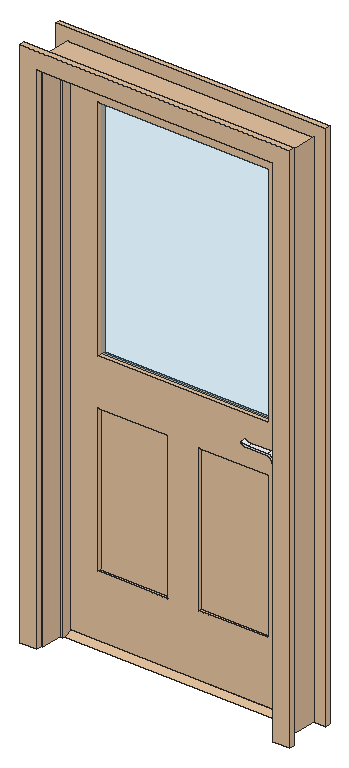
Revit family "M_Porta-Externa-Entrada-Única-Vidro meio plano-Revestida_Madeira", category Portas, Revit 2019
Family settings
  Hospedeiro = Parede
  Número OmniClass = 23.30.10.14
  Título OmniClass = Passage Doors by Material
  Sempre na vertical = Sim
  Corte com vazios quando carregada = Não
  Compartilhado = Não
  Ponto de cálculo do ambiente = Não
Parameters (values of type "900 x 2000mm")
  Visual Light Transmittance = 0
  Material da apara = Cerejeira
  Corrimão superior = 120 mm
  Deslocamento do limite [instance] = if(Limite, 15 mm, 0 mm)  # 15 mm
  Material do limite = Cerejeira
  Limite [instance] = yes
  Espessura = 35 mm
  Resistência térmica (R) = 0.188367 (m²·K)/W
  Ângulo de abertura [instance] = 90.00°
  Estilos = 120 mm
  Solar Heat Gain Coefficient = 0
  Largura bruta = Largura + 50 mm  # 950 mm
  Altura bruta = Altura + 25 mm  # 2025 mm
  Material do painel = Cerejeira
  Bloquear corrimão = 180 mm
  Altura = 2000 mm
  Fechamento da parede = Por hospedeiro
  Largura = 900 mm
  Coeficiente de transferência de calor (U) = 5.30918 W/(m²·K)
  Vidraça = Vidro
  Função = Exterior
  Material da moldura = Cerejeira
  Apara externa [instance] = Deslocamento da porta = 0 mm  # yes
  Deslocamento da porta [instance] = 0 mm
  Material da maçaneta = Alumín. 1
  Corrimão inferior = 240 mm
  Construction Type = ""
  Código de montagem = "B2030100"
  Construção analítica = "Porta francesa, moldura de madeira com vidro único"
Reference planes
  plane 1 "Centro (Frente/Trás)": y = 0
  plane 2 "Centro (Esquerda/Direita)": x = 0
  plane 3 "Esquerda": x = -475
  plane 4 "Direita": x = 475
  plane 5 "Superior": z = 2025
  plane 6 "Deslocamento da porta": y = 73.025
  plane 7 "Interior": y = -79.375
  plane 8 "Painel esquerdo da porta": x = -450
  plane 9 "Painel direito da porta": x = 450
  plane 10 "Topo do painel": z = 2000
  plane 11: z = 0
  plane 12: z = 0
  plane 13: x = 468.65
  plane 14: y = 38.1
  plane 15: y = 3.175
  plane 16: x = 437.3
  plane 17: y = 38.025
  plane 18: z = 1000
  plane 19: z = 1880
  plane 20 "2": x = -330
  plane 21: y = 52.025
  plane 22: y = 59.025
  plane 23: z = 914.4
  plane 24: y = 45.025
  plane 25: y = 66.025
  plane 26: z = 1000
  plane 27: z = 15
  plane 28 "1": x = 330
  plane 29: x = -60
  plane 30: x = 60
  plane 31: z = 880
  plane 32: z = 184.15
  plane 33: x = 398.8
  plane 34: y = 49.692
  plane 35: y = 61.358
  plane 36: y = 55.525
  plane 37 "Exterior": y = 73.025
Forms (mm)
  Sweep 1, solid, material "Cerejeira" <- "Material da moldura"
    path origin (0, 0, 0) x (1, 0, 0) y (0, 0, 1)
      loop
        line (475, 0) -> (475, 2025) -> (-475, 2025) -> (-475, 0)
    profile origin (475, 0, 1012.5) x (-1, 0, 0) y (0, -1, 0)
      loop
        line (25, -73.025) -> (25, -38.025) -> (37.7, -38.025) -> (37.7, -3.1) -> (25, -3.1) -> (25, 79.375) -> (0, 79.375) -> (0, -73.025) -> (25, -73.025)
  Extrusion 2, solid, material "Cerejeira" <- "Material do painel"
    sketch origin (0, 0, 0) x (1, 0, 0) y (0, 0, 1)
      loop
        line (450, 2000) -> (-450, 2000) -> (-450, 15) -> (450, 15) -> (450, 2000)
      loop
        line (-330, 1880) -> (-330, 1000) -> (330, 1000) -> (330, 1880) -> (-330, 1880)
      loop
        line (-330, 820) -> (-330, 255) -> (-60, 255) -> (-60, 820) -> (-330, 820)
      loop
        line (60, 820) -> (60, 255) -> (330, 255) -> (330, 820) -> (60, 820)
    from -73.025 to -38.025
  Extrusion 3, solid, material "Vidro" <- "Vidraça"
    sketch origin (0, 0, 0) x (1, 0, 0) y (0, 0, 1)
      loop
        line (-330, 1880) -> (-330, 1000) -> (330, 1000) -> (330, 1880) -> (-330, 1880)
    from -59.025 to -52.025
  Extrusion 4, solid, material "Cerejeira" <- "Material do painel"
    sketch origin (0, 73.025, 0) x (1, 0, 0) y (0, 0, 1)
      loop
        line (-330, 820) -> (-330, 255) -> (-60, 255) -> (-60, 820) -> (-330, 820)
      loop
        line (330, 255) -> (330, 820) -> (60, 820) -> (60, 255) -> (330, 255)
    from 11.667 to 23.333
  Sweep 5, solid, material "Cerejeira" <- "Material da apara", visible <- "Apara externa", detail levels fine
    path origin (0, 73.025, 0) x (-1, 0, 0) y (0, 0, 1)
      loop
        line (450, 0) -> (450, 2000) -> (-450, 2000) -> (-450, 0)
    profile "Perfil de caixa-plano : 20 x 65mm" origin (450, 73.025, 1000) x (-1, 0, 0) y (0, 1, 0)
      loop
        line (-6.35, 20) -> (-71.35, 20) -> (-71.35, 0) -> (-6.35, 0) -> (-6.35, 20)
  Sweep 6, solid, material "Cerejeira" <- "Material da apara", detail levels fine
    path origin (0, -79.375, 0) x (1, 0, 0) y (0, 0, 1)
      loop
        line (-450, 0) -> (-450, 2000) -> (450, 2000) -> (450, 0)
    profile "Perfil de caixa-plano : 20 x 65mm" origin (-450, -79.375, 1000) x (-1, 0, 0) y (0, -1, 0)
      loop
        line (6.35, 20) -> (6.35, 0) -> (71.35, 0) -> (71.35, 20) -> (6.35, 20)
Lines and regions (mm)
  Opening 1
    outline origin (-2286, -79.375, 0) x (1, 0, 0) y (0, 0, 1)
      loop
        line (1811, 0) -> (2761, 0) -> (2761, 2025) -> (1811, 2025) -> (1811, 0)
  Masking region 1, detail levels coarse+medium
    outline origin (0, 0, 0) x (1, 0, 0) y (0, 1, 0)
      loop
        line (-475, 73.025) -> (-475, -79.375) -> (-450, -79.375) -> (-450, 73.025) -> (-475, 73.025)
      loop
        line (475, 73.025) -> (450, 73.025) -> (450, -79.375) -> (475, -79.375) -> (475, 73.025)
  Masking region 2, detail levels fine
    outline origin (-25.4, 0, 0) x (1, 0, 0) y (0, 1, 0)
      loop
        line (-449.6, 73.025) -> (-449.6, -79.375) -> (-424.6, -79.375) -> (-424.6, 3.1) -> (-411.9, 3.1) -> (-411.9, 38.025) -> (-424.6, 38.025) -> (-424.6, 73.025) -> (-449.6, 73.025)
      loop
        line (500.4, 73.025) -> (475.4, 73.025) -> (475.4, 38.025) -> (462.7, 38.025) -> (462.7, 3.1) -> (475.4, 3.1) -> (475.4, -79.375) -> (500.4, -79.375) -> (500.4, 73.025)
  Masking region 3, detail levels fine
    outline origin (0, 0, 0) x (1, 0, 0) y (0, 1, 0)
      loop
        line (-521.35, -79.375) -> (-521.35, -99.375) -> (-456.35, -99.375) -> (-456.35, -79.375) -> (-521.35, -79.375)
      loop
        line (456.35, -79.375) -> (456.35, -99.375) -> (521.35, -99.375) -> (521.35, -79.375) -> (456.35, -79.375)
  Masking region 4
    outline origin (0, 0, 0) x (0, 1, 0) y (0, 0, 1)
      loop
        line (73.025, 2025) -> (-79.375, 2025) -> (-79.375, 2018.65) -> (73.025, 2018.65) -> (73.025, 2025)
  Masking region 5, visible <- "Apara externa", detail levels fine
    outline origin (0, -6.35, 0) x (0, -1, 0) y (1, 0, 0)
      loop
        line (-79.375, -521.35) -> (-79.375, -456.35) -> (-99.375, -456.35) -> (-99.375, -521.35) -> (-79.375, -521.35)
      loop
        line (-79.375, 456.35) -> (-79.375, 521.35) -> (-99.375, 521.35) -> (-99.375, 456.35) -> (-79.375, 456.35)
  symbolic lines, style "Giro da elevação"
    curve 1: line (450, 73.025, 1999.299) -> (-450, 73.025, 1000)
    curve 2: line (450, 73.025, 0.701) -> (-450, 73.025, 1000)
  model lines, style "DoorsGlassProjection"
    curve 3: line (330, 55.525, 1880) -> (330, 55.525, 1000)
    curve 4: line (-330, 55.525, 1880) -> (-330, 55.525, 1000)
Text (mm)
  text "Exterior" at (-1904.17, 693.701, 0), in view "Nível de referência"
  text "Interior" at (-1904.17, -638.649, 0), in view "Nível de referência"
  text "Exterior" at (0, 1019.848, 3124.603), in view "Direita"
  text "Interior" at (0, -1635.541, 3124.603), in view "Direita"
  text "Interior" at (0, -787.806, 3124.376), in view "Esquerda"
  text "Exterior" at (0, 1386.095, 3124.376), in view "Esquerda"
Dimensions and locks
  equal spacing: plane 3 "Esquerda", plane 2 "Centro (Esquerda/Direita)", plane 4 "Direita"
  "Altura bruta": level to plane 5 "Superior"
  equal spacing: plane 8 "Painel esquerdo da porta", plane 2 "Centro (Esquerda/Direita)", plane 9 "Painel direito da porta"
  "Largura": plane 8 "Painel esquerdo da porta" to plane 9 "Painel direito da porta"
  "Altura": level to plane 10 "Topo do painel"
  plane 11 to plane 12 = 0 mm
  locked: plane 13 to plane 4 "Direita" at 6.35
  locked: plane 16 to plane 9 "Painel direito da porta" at 12.7
  "Espessura": plane 6 "Deslocamento da porta" to plane 17
  "Largura bruta": plane 3 "Esquerda" to plane 4 "Direita"
  "Corrimão superior": plane 19 to plane 10 "Topo do painel"
  "Estilos": plane 8 "Painel esquerdo da porta" to plane 20 "2"
  locked: plane 12 to plane 23 at 914.4
  equal spacing: plane 11, plane 26, plane 10 "Topo do painel"
  plane 22 to plane 21 = 7 mm
  "Deslocamento do limite": plane 12 to plane 27
  "Estilos": plane 28 "1" to plane 9 "Painel direito da porta"
  "Estilos": plane 31 to plane 26
  "Bloquear corrimão": plane 26 to Extrusion 4
  "Estilos": plane 30 to plane 29
  equal spacing: plane 30, plane 2 "Centro (Esquerda/Direita)", plane 29
  plane 33 to plane 4 "Direita" = 76.2 mm
  "Corrimão inferior": plane 27 to Extrusion 2
  equal spacing: plane 17, plane 24, plane 21, plane 22, plane 25, plane 6 "Deslocamento da porta"
  equal spacing: plane 17, plane 34, plane 35, plane 6 "Deslocamento da porta"
  equal spacing: plane 22, plane 36, plane 21
  locked: plane 17 to Sweep 1 sketch curve at 34.925
  "Deslocamento da porta": plane 37 "Exterior" to plane 6 "Deslocamento da porta"
  aligned and locked: plane 3 "Esquerda" to Opening 1 sketch curve
  aligned and locked: plane 5 "Superior" to Opening 1 sketch curve  (x2)
  aligned and locked: Opening 1 sketch curve to plane 4 "Direita"
  aligned and locked: Opening 1 sketch curve to level
  aligned and locked: plane 7 "Interior" to host wall
  aligned and locked: plane 5 "Superior" to Sweep 1 sketch curve
  aligned and locked: plane 4 "Direita" to Sweep 1 sketch curve
  aligned and locked: Sweep 1 sketch curve to plane 3 "Esquerda"
  aligned and locked: plane 11 to level
  aligned and locked: plane 11 to Sweep 1 sketch curve  (x2)
  aligned and locked: Sweep 1 sketch curve to plane 9 "Painel direito da porta"
  aligned and locked: Sweep 1 sketch curve to plane 7 "Interior"
  aligned and locked: Sweep 1 sketch curve to plane 16
  aligned and locked: Extrusion 2 sketch curve to plane 10 "Topo do painel"
  aligned and locked: Extrusion 2 sketch curve to plane 8 "Painel esquerdo da porta"
  aligned and locked: Extrusion 2 to plane 17
  aligned and locked: Extrusion 2 to plane 6 "Deslocamento da porta"
  aligned and locked: Extrusion 2 sketch curve to plane 20 "2"
  aligned and locked: plane 18 to Extrusion 2 sketch curve
  aligned and locked: Extrusion 3 sketch curve to plane 20 "2"
  aligned and locked: plane 18 to Extrusion 3 sketch curve
  aligned and locked: Extrusion 3 to plane 22
  aligned and locked: Extrusion 3 to plane 21
  aligned and locked: Masking region 1 sketch curve to plane 3 "Esquerda"
  aligned and locked: plane 8 "Painel esquerdo da porta" to Masking region 1 sketch curve
  aligned and locked: Masking region 1 sketch curve to plane 7 "Interior"
  aligned and locked: plane 6 "Deslocamento da porta" to Masking region 1 sketch curve
  aligned and locked: plane 9 "Painel direito da porta" to Masking region 1 sketch curve
  aligned and locked: Masking region 1 sketch curve to plane 4 "Direita"
  aligned and locked: plane 7 "Interior" to Masking region 1 sketch curve
  aligned and locked: Masking region 1 sketch curve to plane 6 "Deslocamento da porta"
  aligned and locked: Masking region 2 sketch curve to plane 3 "Esquerda"
  aligned and locked: Masking region 2 sketch curve to plane 7 "Interior"
  aligned and locked: plane 6 "Deslocamento da porta" to Masking region 2 sketch curve
  aligned and locked: Masking region 2 sketch curve to Sweep 1  (x3)
  aligned and locked: plane 7 "Interior" to Masking region 3 sketch curve  (x2)
  aligned and locked: Masking region 2 sketch curve to plane 4 "Direita"
  aligned and locked: plane 9 "Painel direito da porta" to Masking region 2 sketch curve  (x3)
  aligned and locked: plane 17 to Masking region 2 sketch curve  (x2)
  aligned and locked: nested 1 to plane 8 "Painel esquerdo da porta"
  aligned and locked: plane 8 "Painel esquerdo da porta" to Masking region 2 sketch curve  (x2)
  aligned and locked: host wall to Sweep 1 sketch curve
  aligned and locked: plane 23 to nested 2
  aligned and locked: Masking region 4 sketch curve to host wall
  aligned and locked: host wall to Masking region 4 sketch curve
  aligned and locked: plane 7 "Interior" to Masking region 4 sketch curve
  aligned and locked: Extrusion 3 sketch curve to plane 28 "1"
  aligned and locked: Extrusion 2 sketch curve to Extrusion 2 sketch curve  (x2)
  aligned and locked: Extrusion 4 sketch curve to Extrusion 2  (x3)
  aligned and locked: Extrusion 2 to Extrusion 4 sketch curve
  aligned and locked: Sweep 1 to curve 1
  aligned and locked: plane 26 to curve 2
  aligned and locked: Sweep 1 to curve 2
  aligned and locked: plane 19 to Extrusion 2
  aligned and locked: Extrusion 2 to Extrusion 4  (x2)
  aligned and locked: plane 29 to Extrusion 2 sketch curve
  aligned and locked: plane 26 to plane 18
  aligned and locked: nested 2 to plane 33
  aligned and locked: plane 8 "Painel esquerdo da porta" to nested 3
  aligned and locked: plane 9 "Painel direito da porta" to Sweep 5 sketch curve
  aligned and locked: plane 10 "Topo do painel" to Sweep 5 sketch curve
  aligned and locked: plane 8 "Painel esquerdo da porta" to Sweep 5 sketch curve
  aligned and locked: plane 11 to Sweep 5 sketch curve
  aligned and locked: plane 12 to Sweep 5 sketch curve
  aligned and locked: Sweep 6 sketch curve to plane 8 "Painel esquerdo da porta"
  aligned and locked: Sweep 6 sketch curve to plane 10 "Topo do painel"
  aligned and locked: Sweep 6 sketch curve to plane 9 "Painel direito da porta"
  aligned and locked: plane 12 to Sweep 6 sketch curve  (x2)
  aligned and locked: Extrusion 4 to Extrusion 2
  aligned and locked: plane 17 to nested 2
  aligned and locked: Extrusion 4 to plane 35
  aligned and locked: Extrusion 4 to plane 34
  aligned and locked: nested 2 to plane 17
  aligned and locked: curve 3 to plane 36
  aligned and locked: plane 19 to curve 3
  aligned and locked: plane 26 to curve 3
  aligned and locked: curve 4 to plane 36
  aligned and locked: plane 19 to curve 4
  aligned and locked: plane 26 to curve 4
  aligned and locked: Masking region 2 sketch curve to plane 6 "Deslocamento da porta"
  aligned and locked: plane 6 "Deslocamento da porta" to Sweep 1 sketch curve
  aligned and locked: plane 17 to Sweep 1 sketch curve
  aligned and locked: Sweep 1 to Masking region 2 sketch curve
  aligned and locked: host wall to plane 37 "Exterior"
  aligned and locked: Masking region 5 sketch curve to plane 37 "Exterior"  (x2)
  aligned and locked: Sweep 5 to Masking region 5 sketch curve  (x3)
  aligned and locked: Masking region 5 sketch curve to Sweep 5
  aligned and locked: Masking region 3 sketch curve to Sweep 6  (x4)
  aligned and locked: nested 3 to plane 27
  aligned and locked: plane 37 "Exterior" to nested 1
Automatic sketch dimensions
  plane 16 to Sweep 1 sketch curve = 12.7 mm
  plane 20 "2" to Extrusion 2 sketch curve = 0 mm
  plane 30 to Extrusion 2 sketch curve = 0 mm
  plane 28 "1" to Extrusion 2 sketch curve = 0 mm  (x2)
  plane 9 "Painel direito da porta" to Extrusion 2 sketch curve = 0 mm
  Extrusion 2 sketch curve to plane 27 = 0 mm
  Extrusion 2 sketch curve to plane 19 = 0 mm
  plane 32 to Extrusion 2 sketch curve = 70.85 mm
  Extrusion 2 sketch curve to plane 31 = 60 mm
  Extrusion 3 sketch curve to plane 19 = 0 mm
  plane 9 "Painel direito da porta" to curve 2 = 0 mm
  level to curve 2 = 0.701 mm
  curve 1 to plane 10 "Topo do painel" = 0.701 mm
  host wall to Masking region 2 sketch curve = 0 mm
  plane 8 "Painel esquerdo da porta" to Masking region 3 sketch curve = 6.35 mm
  Masking region 3 sketch curve to plane 9 "Painel direito da porta" = 6.35 mm
  plane 5 "Superior" to Masking region 4 sketch curve = 6.35 mm
  Extrusion 4 sketch curve to plane 27 = 240 mm
  Extrusion 4 sketch curve to Extrusion 4 sketch curve = 0 mm
  Extrusion 4 sketch curve to plane 23 = 94.4 mm  (x2)
  Masking region 5 sketch curve to plane 9 "Painel direito da porta" = 6.35 mm
  plane 8 "Painel esquerdo da porta" to Masking region 5 sketch curve = 6.35 mm
Nested families
  nested 1: "Porta com abertura única" at (-450, 73.025, 0) x (-1, 0, 0) z (0, 0, 1), Ângulo de abertura <- "Ângulo de abertura", type "Único"
    with Abertura visível yes, Ângulo de abertura 90.00°, Ângulo real 90.00°, Espessura 35 mm
  nested 2: "M_Maçaneta da porta de entrada" at (398.8, 55.525, 914.4) x (-1, 0, 0) z (0, 0, 1), type "Padrão", detail levels fine
    with Espessura 35 mm
  nested 3: "Limite" at (0, 55.525, 0) x (0, 1, 0) z (0, 0, 1), visible <- "Limite", type "Limite"
    with Comprimento do limite 900 mm
Definition of nested family "M_Maçaneta da porta de entrada"
  Parameters (values of type "Padrão")
    Thickness = 45 mm
    Material do puxador = none
    Function = (empty or 0)
    Construction Type = ""
    Analytic Construction = "<Nenhum>"
  Reference planes
    plane 1 "Centro (Frente/Trás)": y = 0
    plane 2: z = 0
    plane 3 "Centro (Esquerda/Direita)": x = 0
    plane 4: y = 22.5
    plane 5: y = -22.5
    plane 6: z = -147.114
    plane 7: y = 62.5
    plane 8: z = 82.5
    plane 9: y = -62.5
    plane 10: z = -60
  Forms (mm)
    Extrusion 1, solid, material <- "Material do puxador"
      sketch origin (0, -22.5, 0) x (-1, 0, 0) y (0, 0, -1)
        loop
          line (25, -125) -> (25, 70)
          arc (25, 70) -> (0, 95) -> (-25, 70) r 25
          line (-25, 70) -> (-25, -125)
          arc (-25, -125) -> (0, -150) -> (25, -125) r 25
      from 0 to 10
    Extrusion 2, solid, material <- "Material do puxador"
      sketch origin (0, 22.5, 0) x (-1, 0, 0) y (0, 0, -1)
        loop
          line (25, -125) -> (25, 70)
          arc (25, 70) -> (0, 95) -> (-25, 70) r 25
          line (-25, 70) -> (-25, -125)
          arc (-25, -125) -> (0, -150) -> (25, -125) r 25
      from 0 to -10
    Extrusion 3, solid, material <- "Material do puxador"
      sketch origin (0, -22.5, 0) x (-1, 0, 0) y (0, 0, -1)
        loop
          circle (0, 0) r 8
      from 10 to 40
    Extrusion 4, solid, material <- "Material do puxador"
      sketch origin (0, 20, 0) x (-1, 0, 0) y (0, 0, 1)
        loop
          circle (0, 0) r 8
      from 12.5 to 42.5
    Extrusion 5, solid, material <- "Material do puxador"
      sketch origin (0, -62.5, 0) x (1, 0, 0) y (0, 0, 1)
        loop
          arc (-6.508, 4.652) -> (-2.443, -7.618) -> (8, 0) r 8
          arc (8, 0) -> (14.532, 9.391) -> (25.386, 13) r 18.126
          line (25.386, 13) -> (101.644, 13)
          arc (101.644, 13) -> (116.41, 15.798) -> (130, 22.214) r 59.379
          line (130, 22.214) -> (130, 25)
          arc (130, 25) -> (116.04, 21.265) -> (101.644, 20) r 83.285
          line (101.644, 20) -> (25.367, 20)
          arc (25.367, 20) -> (7.493, 16.348) -> (-6.508, 4.652) r 37.283
      from 0 to 20
    Extrusion 6, solid, material <- "Material do puxador"
      sketch origin (0, 62.5, 0) x (1, 0, 0) y (0, 0, -1)
        loop
          arc (8, 0) -> (-2.443, 7.618) -> (-6.508, -4.652) r 8
          arc (-6.508, -4.652) -> (7.493, -16.348) -> (25.367, -20) r 37.283
          line (25.367, -20) -> (101.644, -20)
          arc (101.644, -20) -> (116.04, -21.265) -> (130, -25) r 83.285
          line (130, -25) -> (130, -22.214)
          arc (130, -22.214) -> (116.41, -15.798) -> (101.644, -13) r 59.379
          line (101.644, -13) -> (25.386, -13)
          arc (25.386, -13) -> (14.532, -9.391) -> (8, 0) r 18.126
      from 0 to 20
    Extrusion 7, solid, material <- "Material do puxador"
      sketch origin (0, -32.5, 10) x (-1, 0, 0) y (0, 0, -1)
        loop
          circle (0, -72.5) r 8
      from 0 to 10
    Extrusion 8, solid, material <- "Material do puxador"
      sketch origin (0, 32.5, 142.5) x (-1, 0, 0) y (0, 0, 1)
        loop
          line (-5, -45) -> (-5, -75) -> (5, -75) -> (5, -45) -> (-5, -45)
      from 0 to 10
  Dimensions and locks
    equal spacing: plane 5, plane 1 "Centro (Frente/Trás)", plane 4
    "Thickness": plane 5 to plane 4
    locked: plane 4 to plane 7 at 40
    locked: plane 9 to plane 5 at 40
    locked: Extrusion 6 to plane 7 at 20
    locked: plane 9 to Extrusion 5 at 20
    locked: plane 2 to plane 10 at 60
    aligned and locked: Extrusion 3 to Extrusion 1
    aligned and locked: Extrusion 4 to Extrusion 2
    aligned and locked: plane 7 to Extrusion 6
    aligned and locked: Extrusion 4 to plane 7
    aligned and locked: plane 9 to Extrusion 5
    aligned and locked: Extrusion 1 sketch curve to Extrusion 2
  Automatic sketch dimensions
    Extrusion 3 sketch curve to level = 0 mm
    Extrusion 3 sketch curve to plane 3 "Centro (Esquerda/Direita)" = 0 mm
    Extrusion 4 sketch curve to level = 0 mm
    Extrusion 4 sketch curve to plane 3 "Centro (Esquerda/Direita)" = 0 mm
    Extrusion 5 sketch curve to level = 0 mm  (x2)
    Extrusion 5 sketch curve to plane 3 "Centro (Esquerda/Direita)" = 0 mm
    Extrusion 5 sketch curve to plane 3 "Centro (Esquerda/Direita)" = 6.508 mm
    plane 3 "Centro (Esquerda/Direita)" to Extrusion 5 sketch curve = 8 mm
    Extrusion 5 sketch curve to level = 17.244 mm
    Extrusion 5 sketch curve to Extrusion 5 sketch curve = 15.668 mm
    level to Extrusion 5 sketch curve = 20 mm
    Extrusion 5 sketch curve to Extrusion 5 sketch curve = 0.019 mm
    Extrusion 5 sketch curve to Extrusion 5 sketch curve = 28.356 mm
    Extrusion 5 sketch curve to Extrusion 5 sketch curve = 0 mm
    Extrusion 5 sketch curve to level = 5.126 mm
    level to Extrusion 5 sketch curve = 22.214 mm
    Extrusion 5 sketch curve to Extrusion 5 sketch curve = 2.786 mm
    Extrusion 5 sketch curve to Extrusion 5 sketch curve = 72.693 mm
    Extrusion 5 sketch curve to Extrusion 5 sketch curve = 3.517 mm
    Extrusion 5 sketch curve to Extrusion 5 sketch curve = 3.583 mm
    Extrusion 6 sketch curve to level = 0 mm
    Extrusion 6 sketch curve to plane 3 "Centro (Esquerda/Direita)" = 0 mm
    level to Extrusion 6 sketch curve = 4.652 mm
    Extrusion 6 sketch curve to plane 3 "Centro (Esquerda/Direita)" = 6.508 mm
    Extrusion 6 sketch curve to level = 17.244 mm
    Extrusion 6 sketch curve to Extrusion 6 sketch curve = 15.668 mm
    Extrusion 6 sketch curve to Extrusion 6 sketch curve = 0.019 mm
    Extrusion 6 sketch curve to level = 5.126 mm
    Extrusion 6 sketch curve to Extrusion 6 sketch curve = 1.719 mm
    Extrusion 6 sketch curve to Extrusion 6 sketch curve = 72.693 mm
    Extrusion 6 sketch curve to Extrusion 6 sketch curve = 3.517 mm
    Extrusion 6 sketch curve to Extrusion 6 sketch curve = 3.583 mm
    Extrusion 6 sketch curve to Extrusion 6 sketch curve = 0 mm
    level to Extrusion 6 sketch curve = 22.214 mm
    Extrusion 6 sketch curve to Extrusion 6 sketch curve = 28.356 mm
    Extrusion 6 sketch curve to Extrusion 6 sketch curve = 2.786 mm
    level to Extrusion 1 sketch curve = 70 mm
    Extrusion 2 sketch curve to level = 125 mm
    Extrusion 2 sketch curve to plane 3 "Centro (Esquerda/Direita)" = 0 mm
    Extrusion 2 sketch curve to plane 3 "Centro (Esquerda/Direita)" = 25 mm
    level to Extrusion 2 sketch curve = 70 mm
    Extrusion 7 sketch curve to Extrusion 1 = 25 mm
    Extrusion 8 sketch curve to Extrusion 2 = 20 mm
    Extrusion 8 sketch curve to Extrusion 8 sketch curve = 10 mm
    Extrusion 8 sketch curve to Extrusion 8 sketch curve = 30 mm
    radius of Extrusion 3 sketch curve = 8 mm
    radius of Extrusion 4 sketch curve = 8 mm
    radius of Extrusion 7 sketch curve = 8 mm
Definition of nested family "Limite"
  Parameters (values of type "Limite")
    Comprimento do limite = 1500 mm
    Altura do limite = 15 mm
    Largura do painel = 35 mm
    Material = none
    Analytic Construction = "<Nenhum>"
  Reference planes
    plane 1 "Centro (Frente/Trás)": y = 0
    plane 2: z = 0
    plane 3 "Centro (Esquerda/Direita)": x = 0
    plane 4: x = -42.9
    plane 5: x = 42.9
    plane 6: z = 15
    plane 7: x = -17.5
    plane 8: x = 17.5
    plane 9: y = 750
    plane 10: y = -750
  Forms (mm)
    Extrusion 1, solid, material <- "Material"
      sketch origin (0, 0, 0) x (1, 0, 0) y (0, 0, 1)
        loop
          line (-42.9, 0) -> (42.9, 0) -> (17.5, 15) -> (-17.5, 15) -> (-42.9, 0)
      from -750 to 750
  Dimensions and locks
    "Altura do limite": plane 6 to plane 2
    equal spacing: plane 8, plane 3 "Centro (Esquerda/Direita)", plane 7
    "Largura do painel": plane 8 to plane 7
    equal spacing: plane 9, plane 1 "Centro (Frente/Trás)", plane 10
    "Comprimento do limite": plane 9 to plane 10
    locked: plane 7 to plane 4 at 25.4
    locked: plane 8 to plane 5 at 25.4
    aligned and locked: plane 2 to level
    aligned and locked: Extrusion 1 sketch curve to plane 6
    aligned and locked: Extrusion 1 sketch curve to plane 2
    aligned and locked: plane 5 to Extrusion 1 sketch curve
    aligned and locked: plane 7 to Extrusion 1 sketch curve
    aligned and locked: plane 8 to Extrusion 1 sketch curve
    aligned and locked: plane 9 to Extrusion 1
    aligned and locked: plane 10 to Extrusion 1
  Automatic sketch dimensions
    Extrusion 1 sketch curve to plane 4 = 0 mm
Definition of nested family "Porta com abertura única"
  Parameters (values of type "Único")
    Width = 900 mm
    Thickness = 45 mm
    Abertura visível [instance] = Ângulo de abertura > 1.00°  # yes
    Ângulo de abertura [instance] = 45.00°
    Assembly Code = ""
    Analytic Construction = "<Nenhum>"
    Ângulo real [instance] = if(Ângulo de abertura < 1.00°, 1.00°, Ângulo de abertura)  # 45.00°
  Reference planes
    plane 1 "Centro (Frente/Trás)": y = 0
    plane 2: z = 0
    plane 3 "Centro (Esquerda/Direita)": x = 0
    plane 4: x = -900
  Lines and regions (mm)
    Masking region 1
      outline origin (0, 0, 0) x (-0.707107, 0.707107, 0) y (-0.707107, -0.707107, 0)
        loop
          line (0, 0) -> (900, 0) -> (900, 45) -> (0, 45) -> (0, 0)
    symbolic lines
      curve 1: line (0, 0, 0) -> (-900, 0, 0)
    symbolic lines, visible <- "Abertura visível"
      curve 2: arc (-900, 0, 0) -> (-831.492, 344.415, 0) -> (-636.396, 636.396, 0) r 900
    reference lines
      curve 3: line (0, 0, 0) -> (-636.396, 636.396, 0)
    model lines
      curve 4: line (0, 0, 0) -> (0, 0, 25.4)
  Dimensions and locks
    "Width": plane 4 to plane 3 "Centro (Esquerda/Direita)"
    locked: curve 2 to plane 3 "Centro (Esquerda/Direita)"
    locked: curve 2 to plane 1 "Centro (Frente/Trás)"
    "Width": curve 3 to curve 3
    "Thickness": Masking region 1 sketch curve to Masking region 1 sketch curve
    locked: curve 4 to plane 2 at 25.4
    "Width": radius of curve 2
    "Ângulo real": angle curve 2 to curve 2
    "Ângulo de abertura": angle curve 3 to plane 1 "Centro (Frente/Trás)"
    aligned and locked: curve 1 to plane 1 "Centro (Frente/Trás)"
    aligned and locked: plane 3 "Centro (Esquerda/Direita)" to curve 1
    aligned and locked: plane 3 "Centro (Esquerda/Direita)" to curve 3
    aligned and locked: plane 1 "Centro (Frente/Trás)" to curve 3
    aligned and locked: curve 3 to Masking region 1 sketch curve
    aligned and locked: Masking region 1 sketch curve to curve 3  (x2)
    aligned and locked: plane 3 "Centro (Esquerda/Direita)" to curve 4
    aligned and locked: plane 2 to curve 4
Types in the file's own list only (11): name | Transmissão de luz visual | Resistência térmica (R) | Coeficiente de ganho de calor solar | Largura bruta | Altura bruta | Altura | Largura | Coeficiente de transferência de calor (U)
  750 x 2000mm | 0 | 0.1884 (m²·K)/W | 0 | 800 mm | 2025 mm | 2000 mm | 750 mm | 5.3092 W/(m²·K)
  800 x 2000mm | 0 | 0.1884 (m²·K)/W | 0 | 850 mm | 2025 mm | 2000 mm | 800 mm | 5.3092 W/(m²·K)
  850 x 2000mm | 0 | 0.1884 (m²·K)/W | 0 | 900 mm | 2025 mm | 2000 mm | 850 mm | 5.3092 W/(m²·K)
  750 x 2100mm | 0 | 0.1884 (m²·K)/W | 0 | 800 mm | 2125 mm | 2100 mm | 750 mm | 5.3092 W/(m²·K)
  800 x 2100mm | 0 | 0.1884 (m²·K)/W | 0 | 850 mm | 2125 mm | 2100 mm | 800 mm | 5.3092 W/(m²·K)
  850 x 2100mm | 0 | 0.1884 (m²·K)/W | 0 | 900 mm | 2125 mm | 2100 mm | 850 mm | 5.3092 W/(m²·K)
  900 x 2100mm | 0 | 0.1884 (m²·K)/W | 0 | 950 mm | 2125 mm | 2100 mm | 900 mm | 5.3092 W/(m²·K)
  750 x 2400mm | 0 | 0.1884 (m²·K)/W | 0 | 800 mm | 2425 mm | 2400 mm | 750 mm | 5.3092 W/(m²·K)
  800 x 2400mm | 0 | 0.1884 (m²·K)/W | 0 | 850 mm | 2425 mm | 2400 mm | 800 mm | 5.3092 W/(m²·K)
  850 x 2400mm | 0 | 0.1884 (m²·K)/W | 0 | 900 mm | 2425 mm | 2400 mm | 850 mm | 5.3092 W/(m²·K)
  900 x 2400mm | 0 | 0.1884 (m²·K)/W | 0 | 950 mm | 2425 mm | 2400 mm | 900 mm | 5.3092 W/(m²·K)
